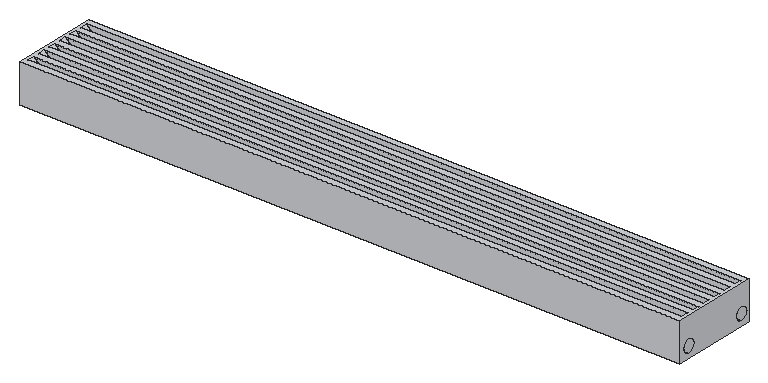
Revit family "SL07", category Mechanical Equipment, Revit 2017
Family settings
  Round Connector Dimension = Use Diameter
  Part Type = Normal
  OmniClass Number = 23.75.00.00
  OmniClass Title = Climate Control (HVAC)
  Work Plane-Based = No
  Always vertical = Yes
  Cut with Voids When Loaded = No
  Shared = No
  Room Calculation Point = No
Parameters
  Width = 155 mm
  Length = 1200 mm
  Height = 200 mm
Reference planes
  plane 1 "Center (Front/Back)": y = 0
  plane 2: z = 0
  plane 3 "Center (Left/Right)": x = 0
  plane 4: x = 0
  plane 5: x = -600
  plane 6: x = 600
  plane 7: x = -595
  plane 8: x = -580
  plane 9: x = 595
  plane 10: x = 580
  plane 11: x = 597
  plane 12: x = -597
  plane 13: z = 270
  plane 14: z = 255
  plane 15: z = 215
  plane 16: z = 200
  plane 17: y = -3
  plane 18: y = -155
  plane 19: y = -152
  plane 20: y = -137
  plane 21: y = -18
  plane 22: x = -530
  plane 23: x = 530
  plane 24: x = -533
  plane 25: x = 533
  plane 26 "Center": y = -77.5
Forms (mm)
  Extrusion 1, solid
    sketch origin (0, 0, 0) x (1, 0, 0) y (0, 0, 1)
      loop
        line (-600, 270) -> (-600, 200) -> (-595, 200) -> (-580, 215) -> (-580, 255) -> (-595, 270) -> (-600, 270)
      loop
        line (600, 270) -> (595, 270) -> (580, 255) -> (580, 215) -> (595, 200) -> (600, 200) -> (600, 270)
    from 0 to 155
  Extrusion 2, solid
    sketch origin (0, 0, 0) x (1, 0, 0) y (0, 1, 0)
      loop
        line (-595, 0) -> (-595, -11) -> (595, -11) -> (595, 0) -> (-595, 0)
    from 200 to 270
  Extrusion 3, solid
    sketch origin (0, -24, 0) x (1, 0, 0) y (0, 1, 0)
      loop
        line (-595, 0) -> (-595, -11) -> (595, -11) -> (595, 0) -> (-595, 0)
    from 200 to 270
  Extrusion 4, solid
    sketch origin (0, -48, 0) x (1, 0, 0) y (0, 1, 0)
      loop
        line (-595, 0) -> (-595, -11) -> (595, -11) -> (595, 0) -> (-595, 0)
    from 200 to 270
  Extrusion 5, solid
    sketch origin (0, -72, 0) x (1, 0, 0) y (0, 1, 0)
      loop
        line (-595, 0) -> (-595, -11) -> (595, -11) -> (595, 0) -> (-595, 0)
    from 200 to 270
  Extrusion 6, solid
    sketch origin (0, -96, 0) x (1, 0, 0) y (0, 1, 0)
      loop
        line (-595, 0) -> (-595, -11) -> (595, -11) -> (595, 0) -> (-595, 0)
    from 200 to 270
  Extrusion 7, solid
    sketch origin (0, -120, 0) x (1, 0, 0) y (0, 1, 0)
      loop
        line (-595, 0) -> (-595, -11) -> (595, -11) -> (595, 0) -> (-595, 0)
    from 200 to 270
  Extrusion 8, solid
    sketch origin (0, -144, 0) x (1, 0, 0) y (0, 1, 0)
      loop
        line (-595, 0) -> (-595, -11) -> (595, -11) -> (595, 0) -> (-595, 0)
    from 200 to 270
  Extrusion 9, solid
    sketch origin (0, 0, 0) x (0, 1, 0) y (0, 0, 1)
      loop
        circle (-17.5, 222) r 10.5
      loop
        circle (-137.5, 222) r 10.5
    from -600 to -602
  Extrusion 10, solid
    sketch origin (0, 0, 0) x (0, 1, 0) y (0, 0, -1)
      loop
        circle (-17.5, -222) r 10.5
      loop
        circle (-137.5, -222) r 10.5
    from -600 to -602
Cuts and joins
  joined: Extrusion 1, Extrusion 2, Extrusion 3, Extrusion 4, Extrusion 5, Extrusion 6, Extrusion 7, Extrusion 8
Dimensions and locks
  equal spacing: plane 5, plane 4, plane 6
  "Length": plane 5 to plane 6
  locked: plane 7 to plane 8 at 15
  locked: plane 5 to plane 7 at 5
  locked: plane 9 to plane 10 at 15
  locked: plane 6 to plane 9 at 5
  locked: plane 11 to plane 6 at 3
  locked: plane 5 to plane 12 at 3
  "Height": plane 16 to level
  locked: plane 13 to plane 14 at 15
  locked: plane 13 to plane 16 at 70
  locked: plane 15 to plane 16 at 15
  "Width": plane 18 to plane 1 "Center (Front/Back)"
  locked: plane 23 to plane 6 at 70
  locked: plane 17 to plane 1 "Center (Front/Back)" at 3
  locked: plane 19 to plane 18 at 3
  locked: plane 21 to plane 1 "Center (Front/Back)" at 18
  locked: plane 20 to plane 18 at 18
  locked: plane 24 to plane 22 at 3
  locked: plane 23 to plane 25 at 3
  Extrusion 2 sketch curve to Extrusion 2 sketch curve = 11 mm
  Extrusion 3 sketch curve to Extrusion 3 sketch curve = 11 mm
  Extrusion 4 sketch curve to Extrusion 4 sketch curve = 11 mm
  Extrusion 5 sketch curve to Extrusion 5 sketch curve = 11 mm
  Extrusion 6 sketch curve to Extrusion 6 sketch curve = 11 mm
  Extrusion 7 sketch curve to Extrusion 7 sketch curve = 11 mm
  Extrusion 8 sketch curve to Extrusion 8 sketch curve = 11 mm
  locked: plane 5 to plane 22 at 70
  equal spacing: plane 18, plane 26 "Center", plane 1 "Center (Front/Back)"
  locked: Extrusion 2 to Extrusion 2 at 11
  locked: Extrusion 3 to Extrusion 2 at 13
  plane 21 to Extrusion 3 to Extrusion 3 = 6 mm locked, 11 mm locked
  locked: Extrusion 4 to Extrusion 3 at 13
  locked: Extrusion 4 to Extrusion 4 at 11
  locked: Extrusion 5 to Extrusion 4 at 13
  locked: Extrusion 5 to Extrusion 5 at 11
  locked: Extrusion 6 to Extrusion 5 at 13
  locked: Extrusion 6 to Extrusion 6 at 11
  locked: Extrusion 7 to Extrusion 6 at 13
  locked: Extrusion 7 to Extrusion 7 at 11
  locked: Extrusion 8 to Extrusion 7 at 13
  locked: Extrusion 8 to Extrusion 8 at 11
  locked: plane 1 "Center (Front/Back)" to Extrusion 9 sketch curve at 17.5
  Extrusion 9 sketch curve to plane 16 = 22 mm
  locked: Extrusion 9 sketch curve to plane 18 at 17.5
  locked: Extrusion 9 sketch curve to plane 16 at 22
  locked: plane 5 to Extrusion 9 at 2
  locked: plane 6 to Extrusion 10 at 2
  aligned and locked: level to plane 2
  aligned and locked: plane 5 to Extrusion 1 sketch curve
  aligned and locked: Extrusion 1 sketch curve to plane 8
  aligned and locked: plane 16 to Extrusion 1 sketch curve
  aligned and locked: Extrusion 1 sketch curve to plane 13
  aligned and locked: Extrusion 1 sketch curve to plane 6
  aligned and locked: plane 13 to Extrusion 1 sketch curve
  aligned and locked: plane 10 to Extrusion 1 sketch curve
  aligned and locked: Extrusion 1 sketch curve to plane 16
  aligned and locked: plane 13 to Extrusion 2
  aligned and locked: Extrusion 2 to plane 16
  aligned and locked: Extrusion 8 to plane 9
  aligned and locked: Extrusion 7 to plane 9
  aligned and locked: Extrusion 6 to plane 9
  aligned and locked: Extrusion 5 to plane 9
  aligned and locked: Extrusion 4 to plane 9
  aligned and locked: Extrusion 3 to plane 9
  aligned and locked: Extrusion 2 to plane 9
  aligned and locked: plane 13 to Extrusion 8
  aligned and locked: plane 13 to Extrusion 7
  aligned and locked: plane 13 to Extrusion 6
  aligned and locked: plane 13 to Extrusion 5
  aligned and locked: plane 13 to Extrusion 4
  aligned and locked: plane 13 to Extrusion 3
  aligned and locked: Extrusion 8 to plane 16
  aligned and locked: Extrusion 7 to plane 16
  aligned and locked: Extrusion 6 to plane 16
  aligned and locked: Extrusion 5 to plane 16
  aligned and locked: Extrusion 4 to plane 16
  aligned and locked: Extrusion 3 to plane 16
  aligned and locked: Extrusion 1 to plane 18
  aligned and locked: plane 6 to Extrusion 10
  aligned and locked: plane 5 to Extrusion 9
Automatic sketch dimensions
  Extrusion 1 sketch curve to plane 7 = 0 mm  (x2)
  plane 9 to Extrusion 1 sketch curve = 0 mm  (x2)
  Extrusion 1 sketch curve to plane 15 = 0 mm  (x2)
  Extrusion 1 sketch curve to plane 14 = 0 mm  (x2)
  plane 1 "Center (Front/Back)" to Extrusion 2 sketch curve = 0 mm
  Extrusion 2 sketch curve to plane 7 = 0 mm
  Extrusion 2 sketch curve to plane 9 = 0 mm
  Extrusion 3 sketch curve to plane 7 = 0 mm
  Extrusion 3 sketch curve to plane 9 = 0 mm
  Extrusion 3 sketch curve to plane 21 = 17 mm
  Extrusion 4 sketch curve to plane 7 = 0 mm
  Extrusion 4 sketch curve to plane 9 = 0 mm
  Extrusion 4 sketch curve to plane 21 = 41 mm
  Extrusion 5 sketch curve to plane 7 = 0 mm
  Extrusion 5 sketch curve to plane 9 = 0 mm
  Extrusion 5 sketch curve to plane 21 = 65 mm
  Extrusion 6 sketch curve to plane 7 = 0 mm
  Extrusion 6 sketch curve to plane 9 = 0 mm
  Extrusion 6 sketch curve to plane 26 "Center" = 29.5 mm
  Extrusion 7 sketch curve to plane 7 = 0 mm
  Extrusion 7 sketch curve to plane 9 = 0 mm
  Extrusion 7 sketch curve to plane 26 "Center" = 53.5 mm
  Extrusion 8 sketch curve to plane 7 = 0 mm
  Extrusion 8 sketch curve to plane 9 = 0 mm
  Extrusion 8 sketch curve to plane 26 "Center" = 77.5 mm
  Extrusion 10 sketch curve to plane 20 = 0.5 mm
  plane 21 to Extrusion 10 sketch curve = 0.5 mm
  Extrusion 10 sketch curve to plane 15 = 7 mm  (x2)
  radius of Extrusion 9 sketch curve = 10.5 mm  (x2)
  radius of Extrusion 10 sketch curve = 10.5 mm  (x2)
